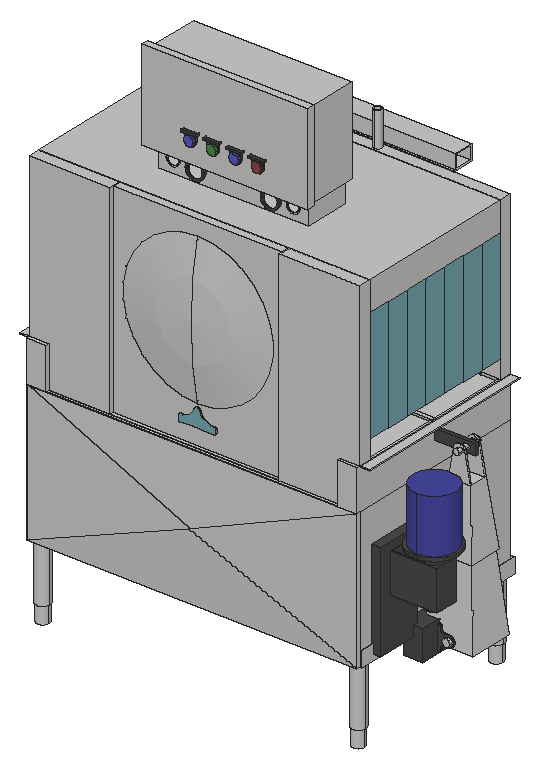
Revit family (continued)
Dimensions and locks (in)
  aligned and locked: Extrusion 50 sketch curve to plane 14
  aligned and locked: plane 45 to Extrusion 50 sketch curve
  aligned and locked: plane 46 to Extrusion 50 sketch curve
  aligned and locked: Extrusion 50 sketch curve to plane 47
  aligned and locked: Extrusion 51 sketch curve to Extrusion 49  (x4)
  aligned and locked: Extrusion 52 sketch curve to Extrusion 50  (x4)
  aligned and locked: Blend 56 sketch curve to Extrusion 55  (x2)
  aligned and locked: Extrusion 65 sketch curve to Extrusion 63  (x2)
  aligned and locked: Extrusion 53 to plane 5 "RIGHT"
  aligned and locked: Extrusion 59 to plane 5 "RIGHT"
  aligned: nested 1 to cut or joined group of Extrusion 45, Extrusion 52
  aligned and locked: plane 14 to nested 1
  aligned and locked: plane 45 to nested 1
  aligned and locked: plane 47 to nested 1
  aligned and locked: nested 1 to plane 46
  aligned and locked: Extrusion 70 to plane 49
  aligned and locked: Extrusion 70 to plane 50
  aligned and locked: Extrusion 71 to plane 50
  aligned and locked: Extrusion 71 to plane 49
  aligned and locked: plane 2 "LEFT" to curve 2
  aligned and locked: plane 3 "BACK" to curve 1
  aligned and locked: curve 4 to plane 5 "RIGHT"
  aligned and locked: plane 6 "FRONT" to curve 3
  aligned and locked: curve 6 to plane 11 "Left End Cowl"
  aligned and locked: curve 7 to plane 6 "FRONT"
  aligned and locked: curve 9 to plane 12 "Right End Cowl"
  aligned and locked: plane 49 to curve 11
  aligned and locked: plane 50 to curve 13
  aligned and locked: curve 12 to plane 51
  aligned and locked: plane 10 "Right of Ledge" to curve 15
  aligned and locked: curve 16 to plane 38 "Back of Panel"
  aligned and locked: plane 37 to curve 18
  aligned and locked: plane 40 to curve 17
  aligned and locked: curve 19 to plane 41
  aligned and locked: plane 33 to curve 23
  aligned and locked: plane 39 "Front of Upper Panel" to curve 22
  aligned and locked: curve 21 to plane 34
  aligned and locked: curve 25 to plane 46
  aligned and locked: curve 28 to plane 13
  aligned and locked: plane 44 to curve 26
  aligned and locked: plane 47 to curve 27
  aligned and locked: plane 47 to curve 31
  aligned and locked: curve 32 to plane 45
  aligned and locked: plane 14 to curve 30
  aligned and locked: curve 29 to plane 46
  aligned and locked: Extrusion 74 sketch curve to plane 21  (x2)
  aligned and locked: plane 53 to Extrusion 74 sketch curve
  aligned and locked: plane 50 to Extrusion 74 sketch curve
  aligned and locked: Extrusion 74 sketch curve to plane 51
  aligned and locked: plane 49 to Extrusion 74 sketch curve
  aligned: plane 48 "Top of Vents" to Extrusion 74
  aligned and locked: plane 4 "TOP" to Extrusion 74
  aligned and locked: plane 17 "Top of Machine" to Extrusion 75 sketch curve
  aligned and locked: Extrusion 75 sketch curve to plane 28
  aligned and locked: plane 27 to Extrusion 75 sketch curve
  aligned and locked: Extrusion 75 sketch curve to plane 54
  aligned and locked: Extrusion 75 to plane 25
  aligned and locked: Extrusion 74 sketch curve to plane 9 "Left of Ledge"
  aligned and locked: Extrusion 74 sketch curve to plane 10 "Right of Ledge"
  aligned and locked: Extrusion 76 sketch curve to plane 53
  aligned and locked: Extrusion 76 sketch curve to plane 10 "Right of Ledge"
  aligned and locked: plane 21 to Extrusion 76 sketch curve
  aligned and locked: Extrusion 76 sketch curve to plane 12 "Right End Cowl"
  aligned and locked: plane 4 "TOP" to Extrusion 76
  aligned and locked: plane 11 "Left End Cowl" to Extrusion 77 sketch curve
  aligned and locked: plane 21 to Extrusion 77 sketch curve
  aligned and locked: Extrusion 77 sketch curve to plane 9 "Left of Ledge"
  aligned and locked: Extrusion 77 sketch curve to plane 53
  aligned and locked: plane 4 "TOP" to Extrusion 77
  aligned and locked: curve 37 to plane 12 "Right End Cowl"
  aligned and locked: curve 36 to plane 53
  aligned and locked: plane 11 "Left End Cowl" to curve 33
  aligned and locked: Extrusion 78 to plane 56
  aligned and locked: Extrusion 80 sketch curve to plane 62
  aligned and locked: plane 25 to Extrusion 80 sketch curve
  aligned and locked: plane 6 "FRONT" to Extrusion 80 sketch curve
  aligned and locked: Extrusion 80 to plane 18 "Panel Top"
  aligned and locked: plane 25 to Extrusion 81 sketch curve
  aligned and locked: plane 63 to Extrusion 81 sketch curve
  aligned and locked: plane 6 "FRONT" to Extrusion 81 sketch curve
  aligned and locked: Extrusion 81 to plane 18 "Panel Top"
  aligned and locked: Extrusion 82 to plane 67
  aligned and locked: Extrusion 83 to plane 69
  aligned and locked: plane 66 "Top Hinge" to Extrusion 84
  aligned and locked: Extrusion 84 to plane 67
  aligned and locked: plane 68 "Bottom Hinge" to Extrusion 85
  aligned and locked: Extrusion 85 to plane 69
  aligned and locked: plane 27 to curve 44
  aligned and locked: plane 28 to curve 46
  aligned and locked: plane 60 to Extrusion 80 sketch curve
  aligned and locked: Extrusion 81 sketch curve to plane 61
  aligned and locked: Extrusion 88 to Extrusion 53
  aligned and locked: cut or joined group of Extrusion 45, Extrusion 52 to plane 5 "RIGHT"
Automatic sketch dimensions
  curve 35 to plane 9 "Left of Ledge" = 0' - 0"
  curve 35 to plane 10 "Right of Ledge" = 0' - 0"
  curve 33 to plane 21 = 0' - 0"
  curve 37 to plane 21 = 0' - 0"
  plane 36 to Extrusion 8 sketch curve = 0' - 0 1/4"
  Extrusion 8 sketch curve to plane 36 = 0' - 0 1/4"
  plane 58 to Blend 12 sketch curve = 0' - 5 7/32"
  Blend 12 sketch curve to Blend 12 sketch curve = 0' - 0 1/16"
  Revolve 16 sketch curve to plane 20 = 0' - 0"
  Revolve 16 sketch curve to plane 20 = 0' - 10 3/4"
  plane 47 to Revolve 16 sketch curve = 0' - 0 7/16"
  plane 35 "Front of Lower Panel" to Revolve 16 sketch curve = 0' - 2 3/4"
  Revolve 16 sketch curve to plane 67 = 0' - 5.68743"
  plane 53 to Revolve 16 sketch curve = 1' - 5.49935"
  Revolve 16 sketch curve to plane 67 = 0' - 5 15/16"  (x2)
  Extrusion 25 sketch curve to plane 39 "Front of Upper Panel" = 0' - 0 3/8"
  Extrusion 25 sketch curve to Extrusion 25 sketch curve = 0' - 0 1/8"  (x10)
  plane 35 "Front of Lower Panel" to Extrusion 25 sketch curve = 0' - 1 1/4"
  Extrusion 25 sketch curve to plane 36 = 0' - 1 5/8"
  Extrusion 25 sketch curve to plane 5 "RIGHT" = 0' - 0 1/8"  (x3)
  plane 38 "Back of Panel" to Extrusion 25 sketch curve = 0' - 1"
  Extrusion 25 sketch curve to Extrusion 25 sketch curve = 0' - 3"
  Extrusion 25 sketch curve to plane 56 = 0' - 1 3/4"
  plane 39 "Front of Upper Panel" to Extrusion 26 sketch curve = 0' - 0 3/8"
  Extrusion 26 sketch curve to Extrusion 26 sketch curve = 0' - 0 1/8"  (x6)
  Extrusion 26 sketch curve to plane 35 "Front of Lower Panel" = 0' - 1 1/4"
  plane 36 to Extrusion 26 sketch curve = 0' - 1 5/8"
  Extrusion 26 sketch curve to plane 2 "LEFT" = 0' - 0 1/8"  (x7)
  Extrusion 26 sketch curve to plane 38 "Back of Panel" = 0' - 1"
  Extrusion 26 sketch curve to Extrusion 26 sketch curve = 0' - 3"
  plane 56 to Extrusion 26 sketch curve = 0' - 1 3/4"
  Extrusion 30 sketch curve to Extrusion 30 sketch curve = 0' - 0"  (x2)
  Extrusion 31 sketch curve to Extrusion 31 sketch curve = 0' - 0"  (x2)
  Extrusion 34 sketch curve to Extrusion 34 sketch curve = 0' - 0"  (x2)
  Extrusion 35 sketch curve to Extrusion 35 sketch curve = 0' - 0"  (x2)
  Extrusion 38 sketch curve to Extrusion 38 sketch curve = 0' - 2"  (x2)
  Extrusion 38 sketch curve to Extrusion 38 sketch curve = 0' - 1"  (x2)
  Extrusion 38 sketch curve to plane 62 = 0' - 0 7/16"
  plane 63 to Extrusion 38 sketch curve = 0' - 0 7/16"
  Extrusion 38 sketch curve to plane 65 "Right Handle" = 0' - 1 1/16"
  plane 48 "Top of Vents" to Extrusion 38 sketch curve = 0' - 3"
  Extrusion 38 sketch curve to Extrusion 38 sketch curve = 0' - 0 1/4"  (x5)
  Extrusion 38 sketch curve to Extrusion 38 sketch curve = 0' - 0"
  Extrusion 43 sketch curve to Extrusion 43 sketch curve = 0' - 0 3/4"  (x2)
  Extrusion 43 sketch curve to plane 64 "Left Handle" = 0' - 0 13/16"
  Extrusion 43 sketch curve to plane 64 "Left Handle" = 0' - 0 1/16"
  plane 63 to Extrusion 43 sketch curve = 0' - 0 11/16"
  Extrusion 43 sketch curve to plane 65 "Right Handle" = 0' - 0 1/16"
  Extrusion 43 sketch curve to Extrusion 43 sketch curve = 0' - 1 1/2"
  plane 48 "Top of Vents" to Extrusion 43 sketch curve = 0' - 1 7/8"  (x2)
  Extrusion 43 sketch curve to Extrusion 43 sketch curve = 0' - 0"
  Extrusion 43 sketch curve to Extrusion 43 sketch curve = 0' - 0 7/8"  (x4)
  Extrusion 44 sketch curve to plane 26 "Door Center" = 0' - 0"
  plane 26 "Door Center" to Extrusion 44 sketch curve = 0' - 0.00035"
  Extrusion 44 sketch curve to plane 69 = 0' - 0.06343"
  plane 63 to Extrusion 44 sketch curve = 0' - 0.35719"
  plane 63 to Extrusion 44 sketch curve = 0' - 0.54876"
  Extrusion 44 sketch curve to plane 65 "Right Handle" = 0' - 0.50556"
  Extrusion 44 sketch curve to plane 65 "Right Handle" = 0' - 0.8056"
  Extrusion 44 sketch curve to Extrusion 44 sketch curve = 0' - 0.00341"
  Extrusion 44 sketch curve to Extrusion 44 sketch curve = 0' - 0.25142"  (x2)
  Extrusion 44 sketch curve to Extrusion 44 sketch curve = 0' - 0.42496"
  Extrusion 44 sketch curve to Extrusion 44 sketch curve = 0' - 0"
  Extrusion 44 sketch curve to plane 62 = 0' - 0.54876"
  plane 69 to Extrusion 44 sketch curve = 0' - 0.28465"
  Extrusion 44 sketch curve to Extrusion 44 sketch curve = 0' - 0.25483"
  Extrusion 44 sketch curve to Extrusion 44 sketch curve = 0' - 0.48493"  (x2)
  Extrusion 44 sketch curve to plane 69 = 0' - 1.98458"
  Extrusion 44 sketch curve to Extrusion 44 sketch curve = 0' - 0.08323"
  plane 58 to Extrusion 44 sketch curve = 0' - 4.6719"
  Extrusion 45 sketch curve to plane 46 = 0' - 0 1/16"
  plane 47 to Extrusion 45 sketch curve = 0' - 0 1/16"
  Extrusion 45 sketch curve to plane 17 "Top of Machine" = 0' - 0 1/8"
  Extrusion 45 sketch curve to plane 29 "Top of Opening" = 0' - 0.88572"
  Extrusion 45 sketch curve to Extrusion 45 sketch curve = 0' - 0.05178"  (x2)
  Extrusion 45 sketch curve to plane 67 = 0' - 0.32322"
  Extrusion 45 sketch curve to Extrusion 45 sketch curve = 0' - 0.17678"  (x2)
  plane 68 "Bottom Hinge" to Extrusion 45 sketch curve = 0' - 3.36428"
  plane 68 "Bottom Hinge" to Extrusion 45 sketch curve = 0' - 1.86428"
  plane 47 to Extrusion 46 sketch curve = 0' - 0 1/16"
  Extrusion 46 sketch curve to plane 46 = 0' - 0 1/16"
  Extrusion 46 sketch curve to plane 17 "Top of Machine" = 0' - 0 1/8"
  Extrusion 46 sketch curve to plane 29 "Top of Opening" = 0' - 0.88572"
  Extrusion 46 sketch curve to Extrusion 46 sketch curve = 0' - 0.05178"  (x2)
  Extrusion 46 sketch curve to plane 67 = 0' - 0.32322"
  Extrusion 46 sketch curve to Extrusion 46 sketch curve = 0' - 0.17678"  (x2)
  plane 68 "Bottom Hinge" to Extrusion 46 sketch curve = 0' - 3.36428"
  plane 68 "Bottom Hinge" to Extrusion 46 sketch curve = 0' - 1.86428"
  Extrusion 47 sketch curve to plane 29 "Top of Opening" = 0' - 0 15/16"
  Extrusion 47 sketch curve to plane 67 = 0' - 0 1/2"
  plane 68 "Bottom Hinge" to Extrusion 47 sketch curve = 0' - 3 5/16"
  plane 68 "Bottom Hinge" to Extrusion 47 sketch curve = 0' - 1 11/16"
  Extrusion 48 sketch curve to plane 6 "FRONT" = 0' - 0"
  Extrusion 48 sketch curve to plane 25 = 0' - 0"
  Extrusion 48 sketch curve to plane 24 = 0' - 0"
  Extrusion 48 sketch curve to plane 3 "BACK" = 0' - 0"
  Extrusion 48 sketch curve to plane 29 "Top of Opening" = 0' - 0"
  Extrusion 48 sketch curve to plane 17 "Top of Machine" = 0' - 0"
  Extrusion 48 sketch curve to plane 29 "Top of Opening" = 0' - 0 15/16"
  Extrusion 48 sketch curve to plane 67 = 0' - 0 1/2"
  plane 68 "Bottom Hinge" to Extrusion 48 sketch curve = 0' - 3 5/16"
  plane 68 "Bottom Hinge" to Extrusion 48 sketch curve = 0' - 1 11/16"
  plane 47 to Extrusion 49 sketch curve = 0' - 0 1/8"
  Extrusion 49 sketch curve to plane 46 = 0' - 0 1/8"
  Extrusion 49 sketch curve to plane 13 = 0' - 0 1/8"
  plane 44 to Extrusion 49 sketch curve = 0' - 0 1/8"
  Extrusion 50 sketch curve to plane 47 = 0' - 0 1/8"
  plane 46 to Extrusion 50 sketch curve = 0' - 0 1/8"
  Extrusion 50 sketch curve to plane 14 = 0' - 0 1/8"
  plane 45 to Extrusion 50 sketch curve = 0' - 0 1/8"
  plane 23 to Extrusion 53 sketch curve = 0' - 0"
  Extrusion 53 sketch curve to plane 5 "RIGHT" = 0' - 0"
  Extrusion 53 sketch curve to plane 19 = 0' - 0"
  Extrusion 53 sketch curve to plane 57 = 0' - 0 1/16"
  Extrusion 53 sketch curve to plane 18 "Panel Top" = 0' - 4 9/16"
  Extrusion 54 sketch curve to plane 39 "Front of Upper Panel" = 0' - 0 3/16"
  Blend 56 sketch curve to plane 39 "Front of Upper Panel" = 0' - 0 3/16"
  Extrusion 57 sketch curve to plane 39 "Front of Upper Panel" = 0' - 0 3/16"
  Extrusion 58 sketch curve to plane 39 "Front of Upper Panel" = 0' - 0 3/16"
  Extrusion 59 sketch curve to plane 5 "RIGHT" = 0' - 0"
  Extrusion 59 sketch curve to plane 69 = 0' - 0 3/8"
  plane 14 to Extrusion 59 sketch curve = 0' - 1 3/16"
  Extrusion 59 sketch curve to plane 45 = 0' - 1 7/16"
  Extrusion 59 sketch curve to plane 69 = 0' - 1 1/8"
  plane 69 to Extrusion 59 sketch curve = 0' - 0 3/8"
  Extrusion 60 sketch curve to plane 19 = 0' - 0"
  plane 23 to Extrusion 60 sketch curve = 0' - 0"
  Extrusion 60 sketch curve to plane 5 "RIGHT" = 0' - 0"
  Extrusion 60 sketch curve to plane 14 = 0' - 0 5/16"
  Extrusion 60 sketch curve to plane 15 "Bottom of Machine" = 0' - 1 9/16"
  plane 19 to Extrusion 60 sketch curve = 0' - 0 7/16"
  Extrusion 61 sketch curve to Extrusion 61 sketch curve = 0' - 0"  (x2)
  plane 15 "Bottom of Machine" to Extrusion 61 sketch curve = 0' - 0 7/16"
  plane 14 to Extrusion 61 sketch curve = 0' - 1 3/16"
  plane 57 to Extrusion 61 sketch curve = 0' - 0 3/16"
  plane 14 to Extrusion 61 sketch curve = 0' - 0 9/16"  (x2)
  plane 14 to Extrusion 61 sketch curve = 0' - 0 3/16"  (x2)
  Extrusion 61 sketch curve to plane 14 = 0' - 0 1/16"  (x2)
  Extrusion 61 sketch curve to Extrusion 61 sketch curve = 0' - 0 1/4"
  Extrusion 61 sketch curve to Extrusion 61 sketch curve = 0' - 0 5/16"
  Extrusion 61 sketch curve to plane 19 = 0' - 0 1/8"
  Extrusion 62 sketch curve to Extrusion 62 sketch curve = 0' - 0"  (x2)
  plane 15 "Bottom of Machine" to Extrusion 62 sketch curve = 0' - 0 7/16"
  plane 14 to Extrusion 62 sketch curve = 0' - 1 3/16"
  plane 57 to Extrusion 62 sketch curve = 0' - 0 3/16"
  plane 14 to Extrusion 62 sketch curve = 0' - 0 9/16"  (x2)
  plane 14 to Extrusion 62 sketch curve = 0' - 0 3/16"  (x2)
  Extrusion 62 sketch curve to plane 14 = 0' - 0 1/16"  (x2)
  Extrusion 62 sketch curve to Extrusion 62 sketch curve = 0' - 0 1/4"
  Extrusion 62 sketch curve to Extrusion 62 sketch curve = 0' - 0 5/16"
  Extrusion 62 sketch curve to plane 19 = 0' - 0 1/8"
  Extrusion 63 sketch curve to Extrusion 63 sketch curve = 0' - 0"  (x6)
  plane 18 "Panel Top" to Extrusion 63 sketch curve = 0' - 0 3/16"
  Extrusion 63 sketch curve to plane 45 = 0' - 1 1/4"
  Extrusion 63 sketch curve to plane 69 = 0' - 0.24205"  (x2)
  plane 14 to Extrusion 63 sketch curve = 0' - 1.92562"
  Extrusion 63 sketch curve to Extrusion 63 sketch curve = 0' - 0.36312"
  Extrusion 63 sketch curve to Extrusion 63 sketch curve = 0' - 0 3/8"
  Extrusion 63 sketch curve to plane 14 = 0' - 0 1/4"
  Extrusion 63 sketch curve to plane 69 = 0' - 0 3/8"
  Extrusion 64 sketch curve to Extrusion 64 sketch curve = 0' - 0"  (x6)
  plane 18 "Panel Top" to Extrusion 64 sketch curve = 0' - 0 3/16"
  Extrusion 64 sketch curve to plane 45 = 0' - 1 1/4"
  Extrusion 64 sketch curve to plane 69 = 0' - 0.24205"  (x2)
  plane 14 to Extrusion 64 sketch curve = 0' - 1.92562"
  Extrusion 64 sketch curve to Extrusion 64 sketch curve = 0' - 0.36312"
  Extrusion 64 sketch curve to Extrusion 64 sketch curve = 0' - 0 3/8"
  Extrusion 64 sketch curve to plane 14 = 0' - 0 1/4"
  Extrusion 64 sketch curve to plane 69 = 0' - 0 3/8"
  Blend 66 sketch curve to plane 10 "Right of Ledge" = 0' - 0 5/16"
  Blend 66 sketch curve to plane 36 = 0' - 2 1/4"
  plane 38 "Back of Panel" to Blend 66 sketch curve = 0' - 1 3/4"
  Blend 66 sketch curve to plane 45 = 0' - 0 1/4"
  Blend 66 sketch curve to plane 14 = 0' - 0 1/4"
  Blend 66 sketch curve to plane 36 = 0' - 1 1/4"
  plane 38 "Back of Panel" to Blend 66 sketch curve = 0' - 0 3/4"
  Blend 66 sketch curve to plane 45 = 0' - 1 1/4"
  plane 45 to Blend 67 sketch curve = 0' - 0 1/2"
  plane 35 "Front of Lower Panel" to Blend 67 sketch curve = 0' - 3"
  plane 38 "Back of Panel" to Blend 67 sketch curve = 0' - 2 1/2"
  plane 10 "Right of Ledge" to Blend 67 sketch curve = 0' - 0 7/16"
  Blend 67 sketch curve to plane 10 "Right of Ledge" = 0' - 0 9/16"
  Blend 67 sketch curve to plane 36 = 0' - 2"
  plane 38 "Back of Panel" to Blend 67 sketch curve = 0' - 1 1/2"
  Blend 67 sketch curve to plane 45 = 0' - 0 1/2"
  Extrusion 68 sketch curve to Extrusion 68 sketch curve = 0' - 0"  (x2)
  plane 15 "Bottom of Machine" to Extrusion 68 sketch curve = 0' - 0 7/16"
  plane 14 to Extrusion 68 sketch curve = 0' - 1 11/16"
  Extrusion 68 sketch curve to Extrusion 68 sketch curve = 0' - 0 1/2"
  Extrusion 69 sketch curve to Extrusion 69 sketch curve = 0' - 0"  (x2)
  Extrusion 70 sketch curve to plane 52 = 0' - 0"
  Extrusion 70 sketch curve to plane 17 "Top of Machine" = 0' - 0"
  Extrusion 70 sketch curve to plane 51 = 0' - 0"
  Extrusion 70 sketch curve to plane 51 = 0' - 0 1/8"
  Extrusion 70 sketch curve to plane 21 = 0' - 0 1/8"
  Extrusion 70 sketch curve to Extrusion 70 sketch curve = 0' - 0 1/8"
  plane 17 "Top of Machine" to Extrusion 70 sketch curve = 0' - 0 1/8"
  Extrusion 70 sketch curve to plane 52 = 0' - 0 1/8"
  Extrusion 71 sketch curve to plane 3 "BACK" = 0' - 0"
  Extrusion 71 sketch curve to plane 17 "Top of Machine" = 0' - 0"
  Extrusion 71 sketch curve to plane 3 "BACK" = 0' - 0 1/4"
  Extrusion 71 sketch curve to Extrusion 71 sketch curve = 0' - 0 1/8"
  Extrusion 73 sketch curve to Extrusion 73 sketch curve = 0' - 0"  (x2)
  Extrusion 78 sketch curve to Extrusion 78 sketch curve = 0' - 0"  (x2)
  Extrusion 78 sketch curve to plane 55 = 0' - 0"
  Extrusion 78 sketch curve to plane 58 = 0' - 0"
  Extrusion 79 sketch curve to plane 56 = 0' - 0"
  Extrusion 79 sketch curve to plane 59 = 0' - 0"
  Sweep 86 sketch curve to plane 6 "FRONT" = 0' - 0"  (x2)
  Sweep 86 sketch curve to plane 20 = 0' - 0 1/8"  (x2)
  Sweep 86 sketch curve to Sweep 86 sketch curve = 0' - 0 1/2"
  plane 68 "Bottom Hinge" to Sweep 86 sketch curve = 0' - 2"
  Sweep 86 sketch curve to plane 67 = 0' - 2 7/8"
  Sweep 86 sketch curve to plane 64 "Left Handle" = 0' - 0"
  Sweep 86 sketch curve to profile plane = 0' - 0"
  Sweep 87 sketch curve to plane 6 "FRONT" = 0' - 0"  (x2)
  plane 20 to Sweep 87 sketch curve = 0' - 0 1/8"  (x2)
  Sweep 87 sketch curve to Sweep 87 sketch curve = 0' - 0 1/2"
  Sweep 87 sketch curve to plane 68 "Bottom Hinge" = 0' - 2"
  plane 67 to Sweep 87 sketch curve = 0' - 2 7/8"
  plane 65 "Right Handle" to Sweep 87 sketch curve = 0' - 0"
  Sweep 87 sketch curve to profile plane = 0' - 0"
  curve 52 to plane 64 "Left Handle" = 0' - 0"
  curve 53 to plane 65 "Right Handle" = 0' - 0"
  curve 45 to plane 6 "FRONT" = 0' - 0"
  curve 42 to plane 6 "FRONT" = 0' - 0"
  curve 46 to plane 6 "FRONT" = 0' - 0"
  curve 51 to plane 6 "FRONT" = 0' - 0"
  curve 48 to plane 6 "FRONT" = 0' - 0"
  curve 49 to plane 6 "FRONT" = 0' - 0"
  curve 44 to plane 6 "FRONT" = 0' - 0"
  curve 50 to plane 6 "FRONT" = 0' - 0"
  plane 25 to curve 42 = 0' - 0"
  curve 47 to plane 63 = 0' - 0"
  curve 43 to plane 62 = 0' - 0"
  curve 52 to plane 20 = 0' - 0 5/8"
  curve 51 to plane 20 = 0' - 0 5/8"
  plane 47 to curve 41 = 0' - 0 7/16"
  curve 53 to plane 65 "Right Handle" = 0' - 0 3/8"
  curve 49 to curve 52 = 0' - 0 3/8"
  Extrusion 88 sketch curve to plane 25 = 0' - 1 5/8"
  Extrusion 88 sketch curve to plane 39 "Front of Upper Panel" = 0' - 1 1/2"
  Extrusion 88 sketch curve to plane 39 "Front of Upper Panel" = 0' - 0 3/16"
  Extrusion 88 sketch curve to plane 35 "Front of Lower Panel" = 0' - 0 1/8"
  Extrusion 88 sketch curve to plane 12 "Right End Cowl" = 0' - 2 3/8"
  Extrusion 88 sketch curve to Extrusion 88 sketch curve = 0' - 1 5/8"
  Extrusion 88 sketch curve to Extrusion 88 sketch curve = 0' - 0"
  Extrusion 88 sketch curve to Extrusion 88 sketch curve = 0' - 4 3/8"
  Extrusion 88 sketch curve to Extrusion 88 sketch curve = 0' - 0 1/4"
  Extrusion 55 sketch curve to plane 39 "Front of Upper Panel" = 0' - 1 1/2"
  Extrusion 55 sketch curve to plane 39 "Front of Upper Panel" = 0' - 0 3/16"
  curve 15 to plane 6 "FRONT" = 0' - 0"
  plane 3 "BACK" to curve 9 = 0' - 0"
  plane 3 "BACK" to curve 6 = 0' - 0"
  curve 14 to plane 9 "Left of Ledge" = 0' - 0"
  curve 3 to plane 9 "Left of Ledge" = 0' - 0.03761"
  curve 56 to plane 32 = 0' - 0"
  curve 56 to plane 50 = 0' - 0"
  curve 54 to plane 49 = 0' - 0"
  curve 55 to plane 32 = 0' - 0"
  plane 38 "Back of Panel" to curve 56 = 0' - 2.60075"
  curve 55 to plane 56 = 0' - 3.90486"
  curve 55 to plane 56 = 0' - 1.41047"
  radius of Extrusion 17 sketch curve = 0' - 0 13/16"
  radius of Extrusion 18 sketch curve = 0' - 0 15/16"
  radius of Extrusion 19 sketch curve = 0' - 0 13/16"
  radius of Extrusion 20 sketch curve = 0' - 0 15/16"
  radius of Extrusion 21 sketch curve = 0' - 0 13/16"
  radius of Extrusion 22 sketch curve = 0' - 0 15/16"
  radius of Extrusion 23 sketch curve = 0' - 0 13/16"
  radius of Extrusion 24 sketch curve = 0' - 0 15/16"
  radius of Extrusion 30 sketch curve = 0' - 1 1/4"
  radius of Extrusion 30 sketch curve = 0' - 1"
  radius of Extrusion 31 sketch curve = 0' - 0 3/4"
  radius of Extrusion 31 sketch curve = 0' - 0 7/8"
  radius of Extrusion 34 sketch curve = 0' - 1 1/4"
  radius of Extrusion 34 sketch curve = 0' - 1"
  radius of Extrusion 35 sketch curve = 0' - 0 3/4"
  radius of Extrusion 35 sketch curve = 0' - 0 7/8"
  radius of Extrusion 39 sketch curve = 0' - 0 5/8"
  radius of Extrusion 40 sketch curve = 0' - 0 5/8"
  radius of Extrusion 41 sketch curve = 0' - 0 5/8"
  radius of Extrusion 42 sketch curve = 0' - 0 5/8"
  radius of Extrusion 54 sketch curve = 0' - 1 1/16"
  radius of Blend 56 sketch curve = 0' - 2 1/16"
  radius of Extrusion 57 sketch curve = 0' - 3 1/4"
  radius of Extrusion 58 sketch curve = 0' - 2 7/8"
  radius of Extrusion 59 sketch curve = 0' - 0 3/8"
  radius of Extrusion 61 sketch curve = 0' - 0 1/2"
  radius of Extrusion 62 sketch curve = 0' - 0 1/2"
  radius of Extrusion 69 sketch curve = 0' - 0 3/8"
  radius of Extrusion 69 sketch curve = 0' - 0 1/2"
  radius of Extrusion 72 sketch curve = 0' - 0 1/4"
  radius of Extrusion 73 sketch curve = 0' - 1"
  radius of Extrusion 73 sketch curve = 0' - 1 1/8"
  radius of Extrusion 78 sketch curve = 0' - 0 3/8"
  radius of Extrusion 78 sketch curve = 0' - 0 1/2"
  radius of Extrusion 79 sketch curve = 0' - 0 1/4"
  radius of Extrusion 82 sketch curve = 0' - 0 1/4"
  radius of Extrusion 83 sketch curve = 0' - 0 1/4"
  radius of Extrusion 84 sketch curve = 0' - 0 1/4"
  radius of Extrusion 85 sketch curve = 0' - 0 1/4"
  radius of Sweep 86 sketch curve = 0' - 0 3/8"
  radius of Sweep 87 sketch curve = 0' - 0 3/8"
Nested families (in)
  nested 1: "QF_Stero_ER-44_L-R_S_EX" at (49.39022, -48.0625, 0), visible <- "Right Vent", Ventilation Remarks <- "Right Ventilation Remarks", Exhaust Volume <- "Right Exhaust Volume", Exhaust Vent Width <- "Right Exhaust Vent Width", Exhaust Vent Depth <- "Right Exhaust Vent Depth", Exhaust Static Press <- "Right Exhaust Static Press", Exhaust RI Height <- "Right Exhaust RI Height", Item Number <- "Right Exhaust Item Number", type "Nested"
    with Ventilation Remarks "", Item Number "-", Exhaust Volume 0 CFM, Exhaust Vent Width 0' - 3 7/8", Exhaust Vent Depth 2' - 0 7/8", Exhaust Static Press 0.00 in-wg, Exhaust RI Height 0' - 0"
Connectors (in)
  piping at (18.32772, -50, 6), driven by "Indirect Waste Flow"
    settings: on Extrusion 73, index 1, connector radius 1", flow factor 0, pipe flow 0 GPM, pressure drop 0.00 psi, fitting loss kfactor 0, connector angle 0.00°, fixture units 0, flow configuration 1, flow direction 2, fitting loss method 0, system type 16, connector reference index -1, connector utility 0, adjustable connector no, is connector primary yes, fitting loss table "", connector description "Indirect Waste"
  piping at (29.32772, -48.75, 60), driven by "Hot Water Flow"
    settings: on Extrusion 69, index 2, connector radius 3/8", flow factor 0, pipe flow 1.97 GPM, pressure drop 0.00 psi, fitting loss kfactor 0, connector angle 0.00°, fixture units 0, flow configuration 1, flow direction 1, fitting loss method 0, system type 19, connector reference index -1, connector utility 0, adjustable connector no, is connector primary no, fitting loss table "", connector description "Hot Water"
  electrical at (34.32772, -59.9375, 68.5), driven by "Number of Poles", driven by "Volts", driven by "Apparent Power"
    settings: on Extrusion 72, index 3, voltage 208 V, apparent load 10483.2 VA, apparent load phase1 0 VA, apparent load phase2 0 VA, apparent load phase3 0 VA, power factor 1, load classification "Other", number of poles 1, system type 30, power factor state 1, is connector primary yes, connector utility no, sub classification motor no, connector description "Electric"
  hvac at (-2.67228, -60.5, 59.5), driven by "Exhaust Volume", driven by "Exhaust Vent Depth", driven by "Exhaust Vent Width", driven by "Exhaust Vent Text"
    settings: on cut or joined group of Extrusion 49, Extrusion 51, index 4, duct flow 0 CFM, flow factor 0, pres drop 0.00 in-wg, loss coef 0, conn angle 0.00°, conn width 3 7/8", conn height 24 7/8", conn radius 12", duct sys type 3, conn prof type 1, flow config 1, flow direction 2, loss method 0, conn ref index -1, conn util no, is conn primary yes, conn desc "Vent, Load End"
  hvac at (51.32772, -60.5, 59.5), driven by "Right Exhaust Volume", driven by "Right Exhaust Vent Depth", driven by "Right Exhaust Vent Width", driven by "Right Exhaust Vent Text"
    settings: on cut or joined group of Extrusion 50, Extrusion 52, index 5, duct flow 0 CFM, flow factor 0, pres drop 0.00 in-wg, loss coef 0, conn angle 0.00°, conn width 3 7/8", conn height 24 7/8", conn radius 12", duct sys type 3, conn prof type 1, flow config 1, flow direction 2, loss method 0, conn ref index -1, conn util no, is conn primary no, conn desc "Vent, Unload End"
  piping at (-1.67228, -51, 14), driven by "Steam Supply Volume"
    settings: on Extrusion 78, index 6, connector radius 3/8", flow factor 0, pipe flow 0 GPM, pressure drop 0.00 psi, fitting loss kfactor 0, connector angle 0.00°, fixture units 0, flow configuration 1, flow direction 1, fitting loss method 0, system type 22, connector reference index -1, connector utility 0, adjustable connector no, is connector primary no, fitting loss table "", connector description "Steam Supply"
  piping at (5.32772, -51, 11)
    settings: on cut or joined group of Extrusion 1, Extrusion 79, index 7, connector radius 1/4", flow factor 0, pipe flow 0 GPM, pressure drop 0.00 psi, fitting loss kfactor 0, connector angle 0.00°, fixture units 0, flow configuration 1, flow direction 2, fitting loss method 0, system type 22, connector reference index -1, connector utility 0, adjustable connector no, is connector primary no, fitting loss table "", connector description "Condensate Return"
Definition of nested family "QF_Stero_ER-44_L-R_S_EX"
  Parameters (values of type "Nested")
    Watermarked By = "http://revitwatermark.com"
    Ventilation Remarks [instance] = ""
    Type Comments = "⍁⍉⌁⌀⏭⎽⌇⍠⌜⍉⎖⌥⌦⌯⍭⏊⍻⍿⍊⏵⍊⏗⏠⍴⎡⌈⎀⍠⌓⌤⏘⎐⍀⌐⏬⏁⎈⏍⏦⎒⏬⌝⍩⍇⌣〈⎫〉⎁⏊⍥⍖⍥⍝⍦⌖⍀⏌⏭⎝⎼⏷⏞⍻⏯⎽⏷⏞⍻⏯⎽⏷⎺⌻⎝⍎⌧⏷⏟⏿⌿⍜⍦⍤⌁⍬⏶⏎⍊⏚⏉⎞⌡⎀⎪⏈⌟⌿⍾⍼⌟⌿⌢⏮⏝⏝⏛⎽⎻⎷⎳⎻⎗⌾⍼⎴⏿⏰⏑⏮⍮⍺⏼⏅⎏⌽⌻⍽⎝⍮⎧⎯⏛⎼⎮⍾⏬⏇⏎⏳⏦⏠⎧⎳⍷⏿⌏"
    Item Number [instance] = "-"
    Exhaust Volume [instance] = 0 CFM
    Exhaust Vent Width [instance] = 1' - 4"
    Exhaust Vent Depth [instance] = 0' - 4"
    Exhaust Static Press [instance] = 0.00 in-wg
    Exhaust RI Height [instance] = 0' - 0"
    Description = ""
    Assembly Code = ""
  Reference planes (in)
    plane 1 "Center (Back)": y = 0
    plane 2: z = 0
    plane 3 "Center (Left)": x = 0
    plane 4: x = 16
    plane 5: y = -4
  Lines and regions (in)
    symbolic lines, style "QF_Multiple Utilities"
      curve 1: line (0, 0, 0) -> (16, 0, 0)
      curve 2: line (0, -4, 0) -> (0, 0, 0)
      curve 3: line (16, -4, 0) -> (0, -4, 0)
      curve 4: line (16, 0, 0) -> (16, -4, 0)
      curve 5: line (16, 0, 0) -> (0, -4, 0)
      curve 6: line (0, 0, 0) -> (16, -4, 0)
  Dimensions and locks (in)
    "Exhaust Vent Width": plane 3 "Center (Left)" to plane 4
    "Exhaust Vent Depth": plane 1 "Center (Back)" to plane 5
    aligned and locked: level to plane 2
    aligned and locked: plane 1 "Center (Back)" to curve 1
    aligned and locked: plane 3 "Center (Left)" to curve 2
    aligned and locked: curve 3 to plane 5
    aligned and locked: curve 4 to plane 4
